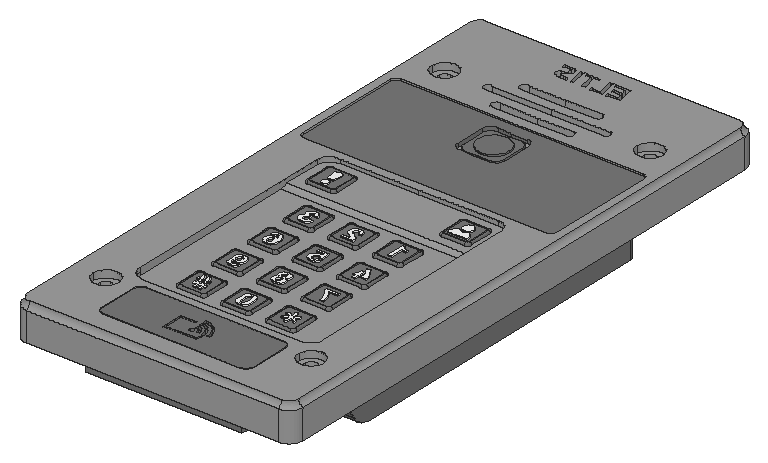
Revit family "Блок вызова_DP7000ipHybrid-KEDC", category Устройства вызова и оповещения, Revit 2019
Family settings
  Сохранять ориентацию аннотаций = Нет
  Размер круглого соединителя = Использовать диаметр
  Тип детали = Нормальный
  На основе рабочей плоскости = Нет
  Всегда вертикально = Да
  При загрузке вырезать с полостями = Нет
  Общий = Нет
  Точка расчета площади = Нет
Parameters
  Показ болта [instance] = yes
  Отступ от грани [instance] = 500 mm
  Описание = "Блок вызова DP7000ipHybrid-KEDC"
  Горизонтально [instance] = not(Вертикально)  # yes
  Вертикально [instance] = no
  ADSK_Этаж [instance] = ""
  ADSK_Обозначение = "DP7000ipHybrid-KEDC"
  ADSK_Наименование краткое = "Блок вызова"
  ADSK_Наименование = "Блок вызова DP7000ipHybrid-KEDC"
  ADSK_Масса = 1
  ADSK_Марка = "DP7000ipHybrid-KEDC"
  ADSK_Завод-изготовитель = "ELTIS"  # constant formula
Reference planes
  plane 1 "По центру (Вперед/Назад)": y = 0
  plane 2: z = 0
  plane 3 "По центру (Влево/Вправо)": x = 0
  plane 4 "TRT": z = 500
  plane 5 "RTR": z = 493.341
Dimensions and locks
  "Отступ от грани": plane 4 "TRT" to level
  aligned and locked: level to plane 2
  aligned and locked: plane 3 "По центру (Влево/Вправо)" to nested 1
  aligned and locked: nested 1 to plane 1 "По центру (Вперед/Назад)"
  aligned and locked: plane 4 "TRT" to nested 1
  aligned and locked: plane 3 "По центру (Влево/Вправо)" to nested 2
  aligned and locked: plane 1 "По центру (Вперед/Назад)" to nested 2
  aligned and locked: plane 5 "RTR" to nested 2
Nested families
  nested 1: "_5000" at (0, 0, 653) x (1, 0, 0) z (0, -1, 0), visible <- "Вертикально", Видимость <- "Показ болта", type "_5000"
    with Видимость yes
  nested 2: "_5000" at (0, 29.355, 500) x (-1, 0, 0) z (0, 0, 1), visible <- "Горизонтально", Видимость <- "Показ болта", type "_5000"
    with Видимость yes
Connectors
  electrical at (0, 0, 493.341)
    settings: index 1, voltage 0 V, apparent load 0 VA, apparent load phase1 0 VA, apparent load phase2 0 VA, apparent load phase3 0 VA, power factor 1, load classification "Прочее", number of poles 1, system type 31, power factor state 1, is connector primary yes, connector utility no, sub classification motor no, connector description ""
Definition of nested family "_5000"
  Parameters (values of type "_5000")
    Черый цвет = none
    Синий цвет = none
    Серый цвет = none
    Default Elevation = 1219.2 mm
    Видимость [instance] = yes
    Белый цвет = none
    Бежевый цвет = none
  Reference planes
    plane 1 "Уууу": y = 0
    plane 2: z = 0
    plane 3 "Пккккккк": x = 0
  Forms (mm)
    Extrusion 1, solid
      sketch origin (0, 0, 0) x (1, 0, 0) y (0, 1, 0)
        loop
          line (-1219.2, 1219.2) -> (-1219.2, -1219.2) -> (1219.2, -1219.2) -> (1219.2, 1219.2) -> (-1219.2, 1219.2)
      from 0 to -304.8
    Extrusion 2, solid, material <- "Серый цвет", detail levels medium+fine
      sketch origin (0, 0, 0) x (1, 0, 0) y (0, 1, 0)
        loop
          line (-56.452, -153) -> (56.531, -153)
          arc (56.531, -153) -> (60.752, -151.252) -> (62.5, -147.031) r 5.969
          line (62.5, -147.031) -> (62.5, 101.045)
          arc (62.5, 101.045) -> (60.756, 105.256) -> (56.545, 107) r 5.955
          line (56.545, 107) -> (-56.475, 107)
          arc (-56.475, 107) -> (-60.735, 105.235) -> (-62.5, 100.975) r 6.025
          line (-62.5, 100.975) -> (-62.5, -146.952)
          arc (-62.5, -146.952) -> (-60.728, -151.228) -> (-56.452, -153) r 6.048
        loop
          circle (-46, -121.591) r 2.8
        loop
          circle (-46, 68.566) r 2.8
        loop
          circle (46, -121.591) r 2.8
        loop
          circle (46, 68.566) r 2.8
      from 0 to 16
    Extrusion 3, void, detail levels medium+fine
      sketch origin (0, 0, 0) x (1, 0, 0) y (0, 1, 0)
        loop
          arc (-54.219, 54) -> (-56.199, 53.18) -> (-57.019, 51.2) r 2.8
          line (-57.019, 51.2) -> (-57.019, 2.7)
          arc (-57.019, 2.7) -> (-56.135, 0.565) -> (-54, -0.319) r 3.019
          line (-54, -0.319) -> (0, -0.319) -> (54, -0.319)
          arc (54, -0.319) -> (56.135, 0.565) -> (57.019, 2.7) r 3.019
          line (57.019, 2.7) -> (57.019, 51.2)
          arc (57.019, 51.2) -> (56.199, 53.18) -> (54.219, 54) r 2.8
          line (54.219, 54) -> (0, 54) -> (-54.219, 54)
        loop
          arc (-35.6, -3.566) -> (-39.705, -5.266) -> (-41.405, -9.371) r 5.805
          line (-41.405, -9.371) -> (-41.405, -108.6)
          arc (-41.405, -108.6) -> (-39.705, -112.705) -> (-35.6, -114.405) r 5.805
          line (-35.6, -114.405) -> (0, -114.405) -> (35.6, -114.405)
          arc (35.6, -114.405) -> (39.705, -112.705) -> (41.405, -108.6) r 5.805
          line (41.405, -108.6) -> (41.405, -9.371)
          arc (41.405, -9.371) -> (39.705, -5.266) -> (35.6, -3.566) r 5.805
          line (35.6, -3.566) -> (0, -3.566) -> (-35.6, -3.566)
      from 14 to 30
    Extrusion 4, void, detail levels medium+fine
      sketch origin (0, 0, 0) x (1, 0, 0) y (0, 1, 0)
        loop
          line (-34.105, -121.571) -> (-34.105, -138.571)
          arc (-34.105, -138.571) -> (-33.049, -141.12) -> (-30.5, -142.175) r 3.605
          line (-30.5, -142.175) -> (0, -142.175) -> (30.5, -142.175)
          arc (30.5, -142.175) -> (33.049, -141.12) -> (34.105, -138.571) r 3.605
          line (34.105, -138.571) -> (34.105, -121.571)
          arc (34.105, -121.571) -> (33.049, -119.022) -> (30.5, -117.966) r 3.605
          line (30.5, -117.966) -> (0, -117.966) -> (-30.5, -117.966)
          arc (-30.5, -117.966) -> (-33.049, -119.022) -> (-34.105, -121.571) r 3.605
      from 14 to 30
    Extrusion 5, void, detail levels fine
      sketch origin (0, 0, 0) x (1, 0, 0) y (0, 1, 0)
        loop
          line (0, 78.499) -> (-16.5, 78.499)
          arc (-16.5, 78.499) -> (-18.57, 76.429) -> (-16.5, 74.36) r 2.07
          line (-16.5, 74.36) -> (0, 74.36) -> (16.5, 74.36)
          arc (16.5, 74.36) -> (18.57, 76.429) -> (16.5, 78.499) r 2.07
          line (16.5, 78.499) -> (0, 78.499)
        loop
          line (0, 62.439) -> (-16.5, 62.439)
          arc (-16.5, 62.439) -> (-18.57, 60.369) -> (-16.5, 58.299) r 2.07
          line (-16.5, 58.299) -> (0, 58.299) -> (16.5, 58.299)
          arc (16.5, 58.299) -> (18.57, 60.369) -> (16.5, 62.439) r 2.07
          line (16.5, 62.439) -> (0, 62.439)
        loop
          line (0, 70.554) -> (-26.39, 70.554)
          arc (-26.39, 70.554) -> (-28.46, 68.484) -> (-26.39, 66.414) r 2.07
          line (-26.39, 66.414) -> (0, 66.414) -> (26.39, 66.414)
          arc (26.39, 66.414) -> (28.46, 68.484) -> (26.39, 70.554) r 2.07
          line (26.39, 70.554) -> (0, 70.554)
      from 13 to 30
    Extrusion 6, void, detail levels medium+fine
      sketch origin (0, 0, 0) x (1, 0, 0) y (0, 1, 0)
        loop
          line (-13.907, 97.838) -> (-15.774, 89.75) -> (-9.296, 89.75) -> (-8.991, 91.069) -> (-13.744, 91.069) -> (-13.253, 93.198) -> (-9.102, 93.198) -> (-8.779, 94.598) -> (-12.929, 94.598) -> (-12.484, 96.526) -> (-7.731, 96.526) -> (-7.429, 97.838) -> (-13.907, 97.838)
        loop
          line (-6.308, 97.838) -> (-7.989, 89.75) -> (-2.2, 89.75) -> (-1.895, 91.069) -> (-6.033, 91.069) -> (-4.626, 97.838) -> (-6.308, 97.838)
        loop
          line (-0.74, 97.838) -> (-1.013, 96.526) -> (1.409, 96.526) -> (0, 89.75) -> (1.661, 89.75) -> (3.07, 96.526) -> (5.41, 96.526) -> (5.682, 97.838) -> (-0.74, 97.838)
        loop
          line (6.65, 97.838) -> (4.968, 89.748) -> (6.688, 89.748) -> (8.37, 97.838) -> (6.65, 97.838)
        loop
          line (15.263, 96.265) -> (15.66, 97.838) -> (11.545, 97.838)
          arc (11.545, 97.838) -> (9.61, 96.822) -> (9.621, 94.636) r 2.104
          line (9.621, 94.636) -> (12.156, 92.726)
          arc (12.156, 92.726) -> (12.701, 92.029) -> (12.253, 91.265) r 0.787
          line (12.253, 91.265) -> (8.529, 91.265) -> (8.213, 89.748) -> (12.667, 89.748)
          arc (12.667, 89.748) -> (13.561, 90.076) -> (14.332, 90.633) r 3.483
          arc (14.332, 90.633) -> (14.908, 92.156) -> (14.085, 93.561) r 1.887
          line (14.085, 93.561) -> (11.642, 95.212)
          arc (11.642, 95.212) -> (11.457, 95.807) -> (11.88, 96.265) r 0.624
          line (11.88, 96.265) -> (15.263, 96.265)
      from 14 to 30
    Extrusion 7, void, detail levels fine
      sketch origin (0, 0, 0) x (1, 0, 0) y (0, 1, 0)
        loop
          circle (-46.058, 68.453) r 5.773
        loop
          circle (-46.058, -121.547) r 5.773
        loop
          circle (46.058, 68.453) r 5.773
        loop
          circle (46.058, -121.547) r 5.773
      from 13 to 30
    Extrusion 8, void, detail levels medium+fine
      sketch origin (0, 0, 0) x (0, 1, 0) y (0, 0, 1)
        loop
          line (-24.213, 16) -> (-24.213, 21) -> (-104.405, 21) -> (-104.405, 16) -> (-104.405, 13.031) -> (-29.355, 13.031)
          arc (-29.355, 13.031) -> (-26.455, 13.946) -> (-24.213, 16) r 7.026
      from -41.405 to 41.405
    Extrusion 9, void
      sketch origin (0, 0, 0) x (1, 0, 0) y (0, 1, 0)
        loop
          arc (-41.405, -108.6) -> (-39.705, -112.705) -> (-35.6, -114.405) r 5.805
          line (-35.6, -114.405) -> (35.6, -114.405)
          arc (35.6, -114.405) -> (39.705, -112.705) -> (41.405, -108.6) r 5.805
          line (41.405, -108.6) -> (41.405, -104.405) -> (-41.405, -104.405) -> (-41.405, -108.6)
      from 13 to 30
    Sweep 10, void
      path in 3D
        loop
          arc (-62.5, -146.952, 16) -> (-60.728, -151.228, 16) -> (-56.452, -153, 16) r 6.048
          line (-56.452, -153, 16) -> (56.531, -153, 16)
          arc (56.531, -153, 16) -> (60.752, -151.252, 16) -> (62.5, -147.031, 16) r 5.969
          line (62.5, -147.031, 16) -> (62.5, 101.045, 16)
          arc (62.5, 101.045, 16) -> (60.756, 105.256, 16) -> (56.545, 107, 16) r 5.955
          line (56.545, 107, 16) -> (-56.475, 107, 16)
          arc (-56.475, 107, 16) -> (-60.735, 105.235, 16) -> (-62.5, 100.975, 16) r 6.025
          line (-62.5, 100.975, 16) -> (-62.5, -146.952, 16)
      profile origin (-62.5, -22.988, 16) x (1, 0, 0) y (0, 0, 1)
        loop
          line (1.866, 0) -> (0, 0) -> (0, -2.874)
          arc (0, -2.874) -> (1.368, -1.719) -> (1.866, 0) r 3.088
    Extrusion 11, void
      sketch origin (0, 0, 0) x (1, 0, 0) y (0, 1, 0)
        loop
          line (0, 47.003) -> (-5.103, 47.003)
          arc (-5.103, 47.003) -> (-7.79, 45.89) -> (-8.903, 43.203) r 3.8
          line (-8.903, 43.203) -> (-8.903, 32.861)
          arc (-8.903, 32.861) -> (-7.83, 30.27) -> (-5.239, 29.197) r 3.664
          line (-5.239, 29.197) -> (0, 29.197) -> (5.239, 29.197)
          arc (5.239, 29.197) -> (7.83, 30.27) -> (8.903, 32.861) r 3.664
          line (8.903, 32.861) -> (8.903, 43.203)
          arc (8.903, 43.203) -> (7.79, 45.89) -> (5.103, 47.003) r 3.8
          line (5.103, 47.003) -> (0, 47.003)
      from 13 to 30
    Extrusion 12, solid, material <- "Черый цвет", detail levels medium+fine
      sketch origin (0, 0, 0) x (1, 0, 0) y (0, 1, 0)
        loop
          line (-10.45, 44.9) -> (-10.45, 31.4)
          arc (-10.45, 31.4) -> (-9.414, 28.9) -> (-6.914, 27.864) r 3.536
          line (-6.914, 27.864) -> (0, 27.864) -> (6.914, 27.864)
          arc (6.914, 27.864) -> (9.414, 28.9) -> (10.45, 31.4) r 3.536
          line (10.45, 31.4) -> (10.45, 44.9)
          arc (10.45, 44.9) -> (9.337, 47.587) -> (6.65, 48.7) r 3.8
          line (6.65, 48.7) -> (0, 48.7) -> (-6.65, 48.7)
          arc (-6.65, 48.7) -> (-9.337, 47.587) -> (-10.45, 44.9) r 3.8
        loop
          arc (-54.219, 54) -> (-56.199, 53.18) -> (-57.019, 51.2) r 2.8
          line (-57.019, 51.2) -> (-57.019, 2.7)
          arc (-57.019, 2.7) -> (-56.135, 0.565) -> (-54, -0.319) r 3.019
          line (-54, -0.319) -> (0, -0.319) -> (54, -0.319)
          arc (54, -0.319) -> (56.135, 0.565) -> (57.019, 2.7) r 3.019
          line (57.019, 2.7) -> (57.019, 51.2)
          arc (57.019, 51.2) -> (56.199, 53.18) -> (54.219, 54) r 2.8
          line (54.219, 54) -> (0, 54) -> (-54.219, 54)
        loop
          circle (0, 38.282) r 7.008
      from 13 to 15.5
    Extrusion 13, solid, material <- "Черый цвет", detail levels medium+fine
      sketch origin (0, 0, 0) x (1, 0, 0) y (0, 1, 0)
        loop
          arc (-30.5, -117.966) -> (-33.049, -119.022) -> (-34.105, -121.571) r 3.605
          line (-34.105, -121.571) -> (-34.105, -138.571)
          arc (-34.105, -138.571) -> (-33.049, -141.12) -> (-30.5, -142.175) r 3.605
          line (-30.5, -142.175) -> (30.5, -142.175)
          arc (30.5, -142.175) -> (33.049, -141.12) -> (34.105, -138.571) r 3.605
          line (34.105, -138.571) -> (34.105, -121.571)
          arc (34.105, -121.571) -> (33.049, -119.022) -> (30.5, -117.966) r 3.605
          line (30.5, -117.966) -> (-30.5, -117.966)
      from 13 to 16
    Extrusion 14, void
      sketch origin (0, 0, 0) x (1, 0, 0) y (0, 1, 0)
        loop
          line (1.465, -126.203) -> (1.465, -127.35) -> (7.9, -127.35) -> (7.9, -135.292) -> (-5.45, -135.292) -> (-5.45, -133.725) -> (-6.579, -133.725) -> (-6.579, -136.294) -> (8.95, -136.294) -> (8.95, -126.203) -> (1.465, -126.203)
        loop
          circle (-0.871, -131.869) r 1.072
        loop
          line (-8.847, -131.944) -> (-7.668, -131.944)
          arc (-7.668, -131.944) -> (-5.624, -127.009) -> (-0.689, -124.965) r 6.979
          line (-0.689, -124.965) -> (-0.689, -123.785)
          arc (-0.689, -123.785) -> (-6.458, -126.175) -> (-8.847, -131.944) r 8.159
        loop
          line (-6.579, -131.944) -> (-5.45, -131.944)
          arc (-5.45, -131.944) -> (-4.099, -128.683) -> (-0.838, -127.332) r 4.612
          line (-0.838, -127.332) -> (-0.838, -126.203)
          arc (-0.838, -126.203) -> (-4.898, -127.885) -> (-6.579, -131.944) r 5.741
        loop
          line (-4.269, -131.944) -> (-2.906, -131.944)
          arc (-2.906, -131.944) -> (-2.301, -130.482) -> (-0.838, -129.876) r 2.068
          line (-0.838, -129.876) -> (-0.838, -128.513)
          arc (-0.838, -128.513) -> (-3.264, -129.518) -> (-4.269, -131.944) r 3.431
      from 15 to 35
    Extrusion 15, solid, material <- "Черый цвет", detail levels medium+fine
      sketch origin (0, 0, 0) x (1, 0, 0) y (0, 1, 0)
        loop
          line (-25.71, -35.019) -> (-25.71, -45.717)
          arc (-25.71, -45.717) -> (-25.549, -46.107) -> (-25.158, -46.269) r 0.552
          line (-25.158, -46.269) -> (-14.785, -46.269)
          arc (-14.785, -46.269) -> (-14.361, -46.093) -> (-14.185, -45.669) r 0.6
          line (-14.185, -45.669) -> (-14.185, -35.067)
          arc (-14.185, -35.067) -> (-14.361, -34.643) -> (-14.785, -34.467) r 0.6
          line (-14.785, -34.467) -> (-25.158, -34.467)
          arc (-25.158, -34.467) -> (-25.549, -34.629) -> (-25.71, -35.019) r 0.552
        loop
          line (-5.71, -35.019) -> (-5.71, -45.717)
          arc (-5.71, -45.717) -> (-5.549, -46.107) -> (-5.158, -46.269) r 0.552
          line (-5.158, -46.269) -> (5.215, -46.269)
          arc (5.215, -46.269) -> (5.639, -46.093) -> (5.815, -45.669) r 0.6
          line (5.815, -45.669) -> (5.815, -35.067)
          arc (5.815, -35.067) -> (5.639, -34.643) -> (5.215, -34.467) r 0.6
          line (5.215, -34.467) -> (-5.158, -34.467)
          arc (-5.158, -34.467) -> (-5.549, -34.629) -> (-5.71, -35.019) r 0.552
        loop
          line (14.29, -35.019) -> (14.29, -45.717)
          arc (14.29, -45.717) -> (14.451, -46.107) -> (14.842, -46.269) r 0.552
          line (14.842, -46.269) -> (25.215, -46.269)
          arc (25.215, -46.269) -> (25.639, -46.093) -> (25.815, -45.669) r 0.6
          line (25.815, -45.669) -> (25.815, -35.067)
          arc (25.815, -35.067) -> (25.639, -34.643) -> (25.215, -34.467) r 0.6
          line (25.215, -34.467) -> (14.842, -34.467)
          arc (14.842, -34.467) -> (14.451, -34.629) -> (14.29, -35.019) r 0.552
        loop
          line (-25.71, -55.019) -> (-25.71, -65.717)
          arc (-25.71, -65.717) -> (-25.549, -66.107) -> (-25.158, -66.269) r 0.552
          line (-25.158, -66.269) -> (-14.785, -66.269)
          arc (-14.785, -66.269) -> (-14.361, -66.093) -> (-14.185, -65.669) r 0.6
          line (-14.185, -65.669) -> (-14.185, -55.067)
          arc (-14.185, -55.067) -> (-14.361, -54.643) -> (-14.785, -54.467) r 0.6
          line (-14.785, -54.467) -> (-25.158, -54.467)
          arc (-25.158, -54.467) -> (-25.549, -54.629) -> (-25.71, -55.019) r 0.552
        loop
          line (-5.71, -55.019) -> (-5.71, -65.717)
          arc (-5.71, -65.717) -> (-5.549, -66.107) -> (-5.158, -66.269) r 0.552
          line (-5.158, -66.269) -> (5.215, -66.269)
          arc (5.215, -66.269) -> (5.639, -66.093) -> (5.815, -65.669) r 0.6
          line (5.815, -65.669) -> (5.815, -55.067)
          arc (5.815, -55.067) -> (5.639, -54.643) -> (5.215, -54.467) r 0.6
          line (5.215, -54.467) -> (-5.158, -54.467)
          arc (-5.158, -54.467) -> (-5.549, -54.629) -> (-5.71, -55.019) r 0.552
        loop
          line (14.29, -55.019) -> (14.29, -65.717)
          arc (14.29, -65.717) -> (14.451, -66.107) -> (14.842, -66.269) r 0.552
          line (14.842, -66.269) -> (25.215, -66.269)
          arc (25.215, -66.269) -> (25.639, -66.093) -> (25.815, -65.669) r 0.6
          line (25.815, -65.669) -> (25.815, -55.067)
          arc (25.815, -55.067) -> (25.639, -54.643) -> (25.215, -54.467) r 0.6
          line (25.215, -54.467) -> (14.842, -54.467)
          arc (14.842, -54.467) -> (14.451, -54.629) -> (14.29, -55.019) r 0.552
        loop
          line (-25.71, -74.984) -> (-25.71, -85.682)
          arc (-25.71, -85.682) -> (-25.549, -86.072) -> (-25.158, -86.234) r 0.552
          line (-25.158, -86.234) -> (-14.785, -86.234)
          arc (-14.785, -86.234) -> (-14.361, -86.058) -> (-14.185, -85.634) r 0.6
          line (-14.185, -85.634) -> (-14.185, -75.032)
          arc (-14.185, -75.032) -> (-14.361, -74.608) -> (-14.785, -74.432) r 0.6
          line (-14.785, -74.432) -> (-25.158, -74.432)
          arc (-25.158, -74.432) -> (-25.549, -74.594) -> (-25.71, -74.984) r 0.552
        loop
          line (-5.71, -74.984) -> (-5.71, -85.682)
          arc (-5.71, -85.682) -> (-5.549, -86.072) -> (-5.158, -86.234) r 0.552
          line (-5.158, -86.234) -> (5.215, -86.234)
          arc (5.215, -86.234) -> (5.639, -86.058) -> (5.815, -85.634) r 0.6
          line (5.815, -85.634) -> (5.815, -75.032)
          arc (5.815, -75.032) -> (5.639, -74.608) -> (5.215, -74.432) r 0.6
          line (5.215, -74.432) -> (-5.158, -74.432)
          arc (-5.158, -74.432) -> (-5.549, -74.594) -> (-5.71, -74.984) r 0.552
        loop
          line (14.29, -74.984) -> (14.29, -85.682)
          arc (14.29, -85.682) -> (14.451, -86.072) -> (14.842, -86.234) r 0.552
          line (14.842, -86.234) -> (25.215, -86.234)
          arc (25.215, -86.234) -> (25.639, -86.058) -> (25.815, -85.634) r 0.6
          line (25.815, -85.634) -> (25.815, -75.032)
          arc (25.815, -75.032) -> (25.639, -74.608) -> (25.215, -74.432) r 0.6
          line (25.215, -74.432) -> (14.842, -74.432)
          arc (14.842, -74.432) -> (14.451, -74.594) -> (14.29, -74.984) r 0.552
        loop
          line (14.29, -94.984) -> (14.29, -105.682)
          arc (14.29, -105.682) -> (14.451, -106.072) -> (14.842, -106.234) r 0.552
          line (14.842, -106.234) -> (25.215, -106.234)
          arc (25.215, -106.234) -> (25.639, -106.058) -> (25.815, -105.634) r 0.6
          line (25.815, -105.634) -> (25.815, -95.032)
          arc (25.815, -95.032) -> (25.639, -94.608) -> (25.215, -94.432) r 0.6
          line (25.215, -94.432) -> (14.842, -94.432)
          arc (14.842, -94.432) -> (14.451, -94.594) -> (14.29, -94.984) r 0.552
        loop
          line (-5.71, -94.984) -> (-5.71, -105.682)
          arc (-5.71, -105.682) -> (-5.549, -106.072) -> (-5.158, -106.234) r 0.552
          line (-5.158, -106.234) -> (5.215, -106.234)
          arc (5.215, -106.234) -> (5.639, -106.058) -> (5.815, -105.634) r 0.6
          line (5.815, -105.634) -> (5.815, -95.032)
          arc (5.815, -95.032) -> (5.639, -94.608) -> (5.215, -94.432) r 0.6
          line (5.215, -94.432) -> (-5.158, -94.432)
          arc (-5.158, -94.432) -> (-5.549, -94.594) -> (-5.71, -94.984) r 0.552
        loop
          line (-25.682, -94.984) -> (-25.682, -105.682)
          arc (-25.682, -105.682) -> (-25.52, -106.072) -> (-25.13, -106.234) r 0.552
          line (-25.13, -106.234) -> (-14.757, -106.234)
          arc (-14.757, -106.234) -> (-14.333, -106.058) -> (-14.157, -105.634) r 0.6
          line (-14.157, -105.634) -> (-14.157, -95.032)
          arc (-14.157, -95.032) -> (-14.333, -94.608) -> (-14.757, -94.432) r 0.6
          line (-14.757, -94.432) -> (-25.13, -94.432)
          arc (-25.13, -94.432) -> (-25.52, -94.594) -> (-25.682, -94.984) r 0.552
      from 10 to 14
    Extrusion 16, solid, material <- "Белый цвет", detail levels medium+fine
      sketch origin (0, 0, 0) x (1, 0, 0) y (0, 1, 0)
        loop
          line (-22.293, -37.747) -> (-22.293, -38.931) -> (-20.373, -38.931) -> (-20.373, -44.371) -> (-18.822, -44.371) -> (-18.822, -36.371) -> (-20.035, -36.371)
          arc (-20.035, -36.371) -> (-20.865, -37.55) -> (-22.293, -37.747) r 1.807
        loop
          line (-19.14, -56.564) -> (-20.637, -56.564) -> (-23.53, -61.379) -> (-23.53, -62.671) -> (-20.03, -62.671) -> (-20.03, -64.371) -> (-18.53, -64.371) -> (-18.53, -62.671) -> (-17.73, -62.671) -> (-17.73, -61.379) -> (-18.53, -61.379) -> (-18.53, -58.771) -> (-20.03, -58.771) -> (-20.03, -61.379) -> (-22.032, -61.379) -> (-19.14, -56.564)
        loop
          line (-22.933, -76.584) -> (-22.933, -77.971) -> (-18.937, -77.971)
          arc (-18.937, -77.971) -> (-20.886, -80.894) -> (-21.772, -84.295) r 10.585
          line (-21.772, -84.295) -> (-20.083, -84.295)
          arc (-20.083, -84.295) -> (-19.234, -80.779) -> (-17.173, -77.806) r 9.861
          line (-17.173, -77.806) -> (-17.173, -76.584) -> (-22.933, -76.584)
        loop
          line (-20.6, -99.331) -> (-22.244, -98.382)
          arc (-22.244, -98.382) -> (-23.063, -98.602) -> (-22.844, -99.421) r 0.6
          line (-22.844, -99.421) -> (-21.159, -100.394) -> (-22.875, -101.385)
          arc (-22.875, -101.385) -> (-23.087, -102.177) -> (-22.296, -102.389) r 0.58
          line (-22.296, -102.389) -> (-20.6, -101.41) -> (-20.6, -103.371)
          arc (-20.6, -103.371) -> (-20, -103.97) -> (-19.4, -103.371) r 0.6
          line (-19.4, -103.371) -> (-19.4, -101.41) -> (-17.836, -102.313)
          arc (-17.836, -102.313) -> (-17.017, -102.093) -> (-17.236, -101.273) r 0.6
          line (-17.236, -101.273) -> (-18.813, -100.363) -> (-17.134, -99.394)
          arc (-17.134, -99.394) -> (-16.922, -98.603) -> (-17.714, -98.39) r 0.58
          line (-17.714, -98.39) -> (-19.4, -99.364) -> (-19.4, -97.421)
          arc (-19.4, -97.421) -> (-20, -96.821) -> (-20.6, -97.421) r 0.6
          line (-20.6, -97.421) -> (-20.6, -99.331)
        loop
          arc (-1.333, -39.217) -> (-0.165, -37.729) -> (1.004, -39.217) r 1.203
          arc (1.004, -39.217) -> (0.214, -40.19) -> (-0.821, -40.897) r 4.357
          arc (-0.821, -40.897) -> (-2.429, -42.322) -> (-3.077, -44.371) r 4.031
          line (-3.077, -44.371) -> (2.638, -44.371) -> (2.638, -42.984) -> (-0.98, -42.984)
          arc (-0.98, -42.984) -> (0.254, -41.868) -> (1.679, -41.009) r 8.635
          arc (1.679, -41.009) -> (2.383, -40.233) -> (2.638, -39.217) r 2.152
          arc (2.638, -39.217) -> (-0.082, -36.496) -> (-2.803, -39.217) r 2.721
          line (-2.803, -39.217) -> (-1.333, -39.217)
        loop
          line (-1.182, -59.379) -> (-0.992, -57.971) -> (2.45, -57.971) -> (2.45, -56.584) -> (-2.095, -56.584) -> (-2.657, -60.768) -> (-1.193, -60.851)
          arc (-1.193, -60.851) -> (-0.108, -60.31) -> (0.977, -60.851) r 1.36
          arc (0.977, -60.851) -> (1.12, -61.438) -> (1.079, -62.041) r 1.985
          arc (1.079, -62.041) -> (-0.127, -63.247) -> (-1.333, -62.041) r 1.206
          line (-1.333, -62.041) -> (-2.933, -62.041)
          arc (-2.933, -62.041) -> (-2.068, -63.679) -> (-0.334, -64.335) r 2.619
          line (-0.334, -64.335) -> (0.464, -64.335)
          arc (0.464, -64.335) -> (2.541, -63.078) -> (2.76, -60.66) r 2.691
          arc (2.76, -60.66) -> (1.09, -59.093) -> (-1.182, -59.379) r 2.691
        loop
          line (-0.25, -77.766) -> (-0.25, -76.376)
          arc (-0.25, -76.376) -> (-0.695, -76.437) -> (-1.136, -76.524) r 7.611
          arc (-1.136, -76.524) -> (-2.654, -78.148) -> (-1.712, -80.162) r 1.985
          arc (-1.712, -80.162) -> (-2.855, -82.405) -> (-1.204, -84.304) r 2.25
          arc (-1.204, -84.304) -> (-0.73, -84.409) -> (-0.25, -84.472) r 5.571
          line (-0.25, -84.472) -> (-0.25, -83.08)
          arc (-0.25, -83.08) -> (-1.155, -81.971) -> (-0.25, -80.863) r 1.132
          line (-0.25, -80.863) -> (-0.25, -79.562)
          arc (-0.25, -79.562) -> (-1.148, -78.664) -> (-0.25, -77.766) r 0.898
        loop
          arc (0.25, -77.766) -> (1.148, -78.664) -> (0.25, -79.562) r 0.898
          line (0.25, -79.562) -> (0.25, -80.863)
          arc (0.25, -80.863) -> (1.155, -81.971) -> (0.25, -83.08) r 1.132
          line (0.25, -83.08) -> (0.25, -84.472)
          arc (0.25, -84.472) -> (0.73, -84.409) -> (1.204, -84.304) r 5.571
          arc (1.204, -84.304) -> (2.855, -82.405) -> (1.712, -80.162) r 2.25
          arc (1.712, -80.162) -> (2.654, -78.148) -> (1.136, -76.524) r 1.985
          arc (1.136, -76.524) -> (0.695, -76.437) -> (0.25, -76.376) r 7.611
          line (0.25, -76.376) -> (0.25, -77.766)
        loop
          line (-2.798, -98.707) -> (-2.798, -102.052)
          arc (-2.798, -102.052) -> (-2.125, -103.677) -> (-0.5, -104.351) r 2.298
          line (-0.5, -104.351) -> (-0.5, -102.987)
          arc (-0.5, -102.987) -> (-0.992, -102.33) -> (-1.189, -101.533) r 2.069
          line (-1.189, -101.533) -> (-1.189, -99.571)
          arc (-1.189, -99.571) -> (-1.041, -98.646) -> (-0.5, -97.882) r 2.065
          line (-0.5, -97.882) -> (-0.5, -96.409)
          arc (-0.5, -96.409) -> (-2.125, -97.082) -> (-2.798, -98.707) r 2.298
        loop
          arc (2.798, -98.707) -> (2.125, -97.082) -> (0.5, -96.409) r 2.298
          line (0.5, -96.409) -> (0.5, -97.882)
          arc (0.5, -97.882) -> (1.041, -98.646) -> (1.189, -99.571) r 2.065
          line (1.189, -99.571) -> (1.189, -101.533)
          arc (1.189, -101.533) -> (0.992, -102.33) -> (0.5, -102.987) r 2.069
          line (0.5, -102.987) -> (0.5, -104.351)
          arc (0.5, -104.351) -> (2.125, -103.677) -> (2.798, -102.052) r 2.298
          line (2.798, -102.052) -> (2.798, -98.707)
      from 11 to 14.2
    Extrusion 17, solid, material <- "Белый цвет", detail levels medium+fine
      sketch origin (0, 0, 0) x (1, 0, 0) y (0, 1, 0)
        loop
          line (17.245, -38.93) -> (18.798, -38.93)
          arc (18.798, -38.93) -> (19.241, -37.95) -> (20.313, -37.87) r 1.053
          arc (20.313, -37.87) -> (20.677, -38.167) -> (20.875, -38.593) r 1.053
          arc (20.875, -38.593) -> (20.348, -39.422) -> (19.367, -39.464) r 1.062
          line (19.367, -39.464) -> (19.367, -40.841)
          arc (19.367, -40.841) -> (20.529, -40.818) -> (21.117, -41.821) r 1.15
          arc (21.117, -41.821) -> (19.958, -42.981) -> (18.798, -41.821) r 1.16
          line (18.798, -41.821) -> (17.067, -41.821)
          arc (17.067, -41.821) -> (18.166, -43.857) -> (20.407, -44.431) r 2.886
          arc (20.407, -44.431) -> (22.252, -43.667) -> (23.016, -41.821) r 2.61
          arc (23.016, -41.821) -> (22.598, -40.607) -> (21.52, -39.907) r 1.972
          arc (21.52, -39.907) -> (22.296, -39.217) -> (22.506, -38.2) r 1.649
          arc (22.506, -38.2) -> (21.648, -36.975) -> (20.254, -36.435) r 2.57
          arc (20.254, -36.435) -> (19.611, -36.356) -> (18.982, -36.512) r 1.78
          arc (18.982, -36.512) -> (17.718, -37.438) -> (17.245, -38.93) r 2.521
        loop
          line (17.725, -98.191) -> (17.479, -99.254) -> (18.531, -99.254) -> (18.312, -100.203) -> (19.473, -100.203) -> (19.693, -99.254) -> (20.819, -99.254) -> (20.6, -100.203) -> (21.752, -100.203) -> (21.971, -99.254) -> (23.024, -99.254) -> (23.27, -98.191) -> (22.216, -98.191) -> (22.686, -96.157) -> (21.534, -96.157) -> (21.065, -98.191) -> (19.938, -98.191) -> (20.407, -96.157) -> (19.246, -96.157) -> (18.776, -98.191) -> (17.725, -98.191)
        loop
          line (22.232, -102.503) -> (22.478, -101.441) -> (21.426, -101.441) -> (21.645, -100.492) -> (20.484, -100.492) -> (20.264, -101.441) -> (19.138, -101.441) -> (19.357, -100.492) -> (18.205, -100.492) -> (17.986, -101.441) -> (16.933, -101.441) -> (16.687, -102.503) -> (17.741, -102.503) -> (17.285, -104.477) -> (18.437, -104.477) -> (18.892, -102.503) -> (20.019, -102.503) -> (19.563, -104.477) -> (20.725, -104.477) -> (21.181, -102.503) -> (22.232, -102.503)
        loop
          line (20.273, -59.038) -> (20.273, -60.386)
          arc (20.273, -60.386) -> (21.313, -61.75) -> (20.273, -63.113) r 1.414
          line (20.273, -63.113) -> (20.273, -64.434)
          arc (20.273, -64.434) -> (22.971, -61.736) -> (20.273, -59.038) r 2.698
        loop
          arc (19.75, -56.404) -> (17.86, -57.717) -> (17.119, -59.896) r 3.68
          line (17.119, -59.896) -> (17.119, -61.224)
          arc (17.119, -61.224) -> (17.753, -63.387) -> (19.75, -64.434) r 2.886
          line (19.75, -64.434) -> (19.75, -63.064)
          arc (19.75, -63.064) -> (18.766, -61.75) -> (19.75, -60.435) r 1.37
          line (19.75, -60.435) -> (19.75, -59.089)
          arc (19.75, -59.089) -> (19.173, -59.296) -> (18.726, -59.715) r 1.51
          arc (18.726, -59.715) -> (18.903, -58.574) -> (19.75, -57.788) r 1.758
          line (19.75, -57.788) -> (19.75, -56.404)
        loop
          line (20.254, -56.406) -> (20.254, -57.768)
          arc (20.254, -57.768) -> (20.73, -57.916) -> (21.059, -58.291) r 0.924
          line (21.059, -58.291) -> (22.754, -58.291)
          arc (22.754, -58.291) -> (21.912, -56.808) -> (20.254, -56.406) r 2.149
      from 5 to 14.2
    Extrusion 18, solid, material <- "Белый цвет", detail levels medium+fine
      sketch origin (0, 0, 0) x (1, 0, 0) y (0, 1, 0)
        loop
          arc (19.75, -76.374) -> (17.033, -79.092) -> (19.75, -81.809) r 2.717
          line (19.75, -81.809) -> (19.75, -80.405)
          arc (19.75, -80.405) -> (18.784, -79.088) -> (19.75, -77.771) r 1.381
          line (19.75, -77.771) -> (19.75, -76.374)
        loop
          arc (20.25, -77.71) -> (21.298, -79.088) -> (20.25, -80.466) r 1.43
          line (20.25, -80.466) -> (20.25, -81.763)
          arc (20.25, -81.763) -> (20.807, -81.599) -> (21.262, -81.238) r 1.515
          arc (21.262, -81.238) -> (21.053, -82.315) -> (20.25, -83.063) r 1.772
          line (20.25, -83.063) -> (20.25, -84.408)
          arc (20.25, -84.408) -> (21.773, -83.907) -> (22.627, -82.551) r 2.365
          line (22.627, -82.551) -> (22.847, -79.018)
          arc (22.847, -79.018) -> (22.086, -77.181) -> (20.25, -76.421) r 2.597
          line (20.25, -76.421) -> (20.25, -77.71)
        loop
          arc (17.279, -82.551) -> (18.108, -84.036) -> (19.75, -84.477) r 2.184
          line (19.75, -84.477) -> (19.75, -83.084)
          arc (19.75, -83.084) -> (19.255, -82.98) -> (18.987, -82.551) r 0.646
          line (18.987, -82.551) -> (17.279, -82.551)
      from 5 to 14.2
    Extrusion 19, solid, material <- "Черый цвет", detail levels medium+fine
      sketch origin (0, 0, 0) x (1, 0, 0) y (0, 1, 0)
        loop
          arc (-46.764, -107.262) -> (-45.321, -110.745) -> (-41.838, -112.187) r 4.925
          arc (-41.838, -112.187) -> (-39.345, -113.046) -> (-37.908, -115.258) r 4.05
          line (-37.908, -115.258) -> (-37.908, -133.873) -> (-34.96, -146.643) -> (34.96, -146.643) -> (37.908, -133.873) -> (37.908, -115.258)
          arc (37.908, -115.258) -> (39.345, -113.046) -> (41.838, -112.187) r 4.05
          arc (41.838, -112.187) -> (45.321, -110.745) -> (46.764, -107.262) r 4.925
          line (46.764, -107.262) -> (46.764, 56.61)
          arc (46.764, 56.61) -> (45.101, 59.458) -> (42, 60.581) r 4.843
          line (42, 60.581) -> (39.458, 60.581)
          arc (39.458, 60.581) -> (36.192, 61.934) -> (34.839, 65.2) r 4.619
          line (34.839, 65.2) -> (34.839, 94.7)
          arc (34.839, 94.7) -> (33.818, 97.164) -> (31.355, 98.184) r 3.484
          line (31.355, 98.184) -> (-30.96, 98.184)
          arc (-30.96, 98.184) -> (-33.424, 97.164) -> (-34.445, 94.7) r 3.484
          line (-34.445, 94.7) -> (-34.445, 65.2)
          arc (-34.445, 65.2) -> (-35.798, 61.934) -> (-39.064, 60.581) r 4.619
          line (-39.064, 60.581) -> (-42, 60.581)
          arc (-42, 60.581) -> (-45.101, 59.458) -> (-46.764, 56.61) r 4.843
          line (-46.764, 56.61) -> (-46.764, -107.262)
      from -6.659 to 0
    Extrusion 20, solid, material <- "Черый цвет", detail levels medium+fine
      sketch origin (0, 0, -6.659) x (1, 0, 0) y (0, 1, 0)
        loop
          arc (-42, 60.581) -> (-45.101, 59.458) -> (-46.764, 56.61) r 4.843
          line (-46.764, 56.61) -> (-46.764, -63.221) -> (46.764, -63.221) -> (46.764, 56.61)
          arc (46.764, 56.61) -> (45.101, 59.458) -> (42, 60.581) r 4.843
          line (42, 60.581) -> (39.458, 60.581)
          arc (39.458, 60.581) -> (36.192, 61.934) -> (34.839, 65.2) r 4.619
          line (34.839, 65.2) -> (34.839, 94.7)
          arc (34.839, 94.7) -> (33.818, 97.164) -> (31.355, 98.184) r 3.484
          line (31.355, 98.184) -> (-30.96, 98.184)
          arc (-30.96, 98.184) -> (-33.424, 97.164) -> (-34.445, 94.7) r 3.484
          line (-34.445, 94.7) -> (-34.445, 65.2)
          arc (-34.445, 65.2) -> (-35.798, 61.934) -> (-39.064, 60.581) r 4.619
          line (-39.064, 60.581) -> (-42, 60.581)
      from -15.747 to 0
    Extrusion 21, solid, material <- "Черый цвет", detail levels medium+fine
      sketch origin (0, 0, 0) x (0, 1, 0) y (0, 0, 1)
        loop
          line (-63.221, -22.406) -> (-63.221, -6.659) -> (-105.693, -6.659) -> (-98.821, -17.655)
          arc (-98.821, -17.655) -> (-95.151, -21.139) -> (-90.251, -22.406) r 10.106
          line (-90.251, -22.406) -> (-63.221, -22.406)
      from 40.8 to 46.764
    Extrusion 22, solid, material <- "Черый цвет", detail levels medium+fine
      sketch origin (0, 0, 0) x (0, 1, 0) y (0, 0, 1)
        loop
          line (-63.221, -22.406) -> (-63.221, -6.659) -> (-105.693, -6.659) -> (-98.821, -17.655)
          arc (-98.821, -17.655) -> (-95.151, -21.139) -> (-90.251, -22.406) r 10.106
          line (-90.251, -22.406) -> (-63.221, -22.406)
      from -46.764 to -40.8
    Extrusion 23, solid, material <- "Черый цвет", detail levels fine
      sketch origin (0, 0, 0) x (1, 0, 0) y (0, 1, 0)
        loop
          circle (20.016, -106.223) r 3.175
        loop
          line (21.416, -104.784) -> (18.497, -104.784) -> (18.497, -107.649) -> (21.416, -107.649) -> (21.416, -104.784)
        loop
          circle (-19.892, -106.223) r 3.175
        loop
          line (-18.492, -104.784) -> (-21.411, -104.784) -> (-21.411, -107.649) -> (-18.492, -107.649) -> (-18.492, -104.784)
      from -10.383 to -6.659
    Extrusion 24, solid, material <- "Синий цвет", detail levels fine
      sketch origin (0, 0, 0) x (1, 0, 0) y (0, 0, 1)
        loop
          line (-40.3, -16.87) -> (-34.392, -16.87) -> (-33.3, -13.87) -> (-33.3, -8.07) -> (-30.7, -8.07) -> (-30.7, -6.659) -> (-40.3, -6.659) -> (-40.3, -16.87)
        loop
          line (40.3, -16.87) -> (40.3, -6.659) -> (30.7, -6.659) -> (30.7, -8.07) -> (33.3, -8.07) -> (33.3, -13.87) -> (34.392, -16.87) -> (40.3, -16.87)
      from 67.309 to 98
    Extrusion 25, void
      sketch origin (0, 0, 0) x (1, 0, 0) y (0, 1, 0)
        loop
          circle (36.311, -69.217) r 1.472
        loop
          circle (36.311, -73.046) r 1.472
        loop
          circle (36.311, -76.774) r 1.472
        loop
          circle (36.311, -80.745) r 1.472
        loop
          circle (36.311, -96.092) r 1.472
        loop
          circle (36.311, -92.263) r 1.472
        loop
          circle (36.311, -88.535) r 1.472
        loop
          circle (36.311, -84.564) r 1.472
        loop
          circle (-36.311, -69.217) r 1.472
        loop
          circle (-36.311, -73.046) r 1.472
        loop
          circle (-36.311, -76.774) r 1.472
        loop
          circle (-36.311, -80.745) r 1.472
        loop
          circle (-36.311, -96.092) r 1.472
        loop
          circle (-36.311, -92.263) r 1.472
        loop
          circle (-36.311, -88.535) r 1.472
        loop
          circle (-36.311, -84.564) r 1.472
      from -20.519 to -13.907
    Extrusion 26, void
      sketch origin (0, 0, 0) x (1, 0, 0) y (0, 1, 0)
        loop
          line (36.311, -67.745) -> (-36.432, -67.745) -> (-36.432, -70.67) -> (36.311, -70.67) -> (36.311, -67.745)
      from -13 to -9
    Extrusion 27, void
      sketch origin (0, -3.829, 0) x (1, 0, 0) y (0, 1, 0)
        loop
          line (36.311, -67.745) -> (-36.432, -67.745) -> (-36.432, -70.67) -> (36.311, -70.67) -> (36.311, -67.745)
      from -13 to -9
    Extrusion 28, void
      sketch origin (0, -7.557, 0) x (1, 0, 0) y (0, 1, 0)
        loop
          line (36.311, -67.745) -> (-36.432, -67.745) -> (-36.432, -70.67) -> (36.311, -70.67) -> (36.311, -67.745)
      from -13 to -9
    Extrusion 29, void
      sketch origin (0, -11.528, 0) x (1, 0, 0) y (0, 1, 0)
        loop
          line (36.311, -67.745) -> (-36.432, -67.745) -> (-36.432, -70.67) -> (36.311, -70.67) -> (36.311, -67.745)
      from -13 to -9
    Extrusion 30, void
      sketch origin (0, -15.347, 0) x (1, 0, 0) y (0, 1, 0)
        loop
          line (36.311, -67.745) -> (-36.432, -67.745) -> (-36.432, -70.67) -> (36.311, -70.67) -> (36.311, -67.745)
      from -13 to -9
    Extrusion 31, void
      sketch origin (0, -19.318, 0) x (1, 0, 0) y (0, 1, 0)
        loop
          line (36.311, -67.745) -> (-36.432, -67.745) -> (-36.432, -70.67) -> (36.311, -70.67) -> (36.311, -67.745)
      from -13 to -9
    Extrusion 32, void
      sketch origin (0, -23.046, 0) x (1, 0, 0) y (0, 1, 0)
        loop
          line (36.311, -67.745) -> (-36.432, -67.745) -> (-36.432, -70.67) -> (36.311, -70.67) -> (36.311, -67.745)
      from -13 to -9
    Extrusion 33, void
      sketch origin (0, -26.875, 0) x (1, 0, 0) y (0, 1, 0)
        loop
          line (36.311, -67.745) -> (-36.432, -67.745) -> (-36.432, -70.67) -> (36.311, -70.67) -> (36.311, -67.745)
      from -13 to -9
    Extrusion 34, solid, material <- "Черый цвет", detail levels medium+fine
      sketch origin (0, 0, 0) x (1, 0, 0) y (0, 1, 0)
        loop
          line (5.103, 47.003) -> (0, 47.003) -> (-5.103, 47.003)
          arc (-5.103, 47.003) -> (-7.79, 45.89) -> (-8.903, 43.203) r 3.8
          line (-8.903, 43.203) -> (-8.903, 32.861)
          arc (-8.903, 32.861) -> (-7.83, 30.27) -> (-5.239, 29.197) r 3.664
          line (-5.239, 29.197) -> (0, 29.197) -> (5.239, 29.197)
          arc (5.239, 29.197) -> (7.83, 30.27) -> (8.903, 32.861) r 3.664
          line (8.903, 32.861) -> (8.903, 43.203)
          arc (8.903, 43.203) -> (7.79, 45.89) -> (5.103, 47.003) r 3.8
      from 14 to 15
    Extrusion 35, void
      sketch origin (0, 0, 0) x (1, 0, 0) y (0, 1, 0)
        loop
          line (32.551, 83.355) -> (38.749, 83.355) -> (38.749, 101.247) -> (13.124, 101.247) -> (13.124, 86.247)
          arc (13.124, 86.247) -> (13.971, 84.202) -> (16.016, 83.355) r 2.892
          line (16.016, 83.355) -> (32.551, 83.355)
      from -37.152 to -13.87
    Extrusion 36, solid, material <- "Черый цвет", detail levels fine
      sketch origin (0, 0, 0) x (1, 0, 0) y (0, 1, 0)
        loop
          line (16.642, 85.2) -> (33.674, 85.2) -> (33.674, 95.193) -> (30.683, 98.184) -> (16.639, 98.184)
          arc (16.639, 98.184) -> (15.608, 97.758) -> (15.182, 96.728) r 1.457
          line (15.182, 96.728) -> (15.182, 86.661)
          arc (15.182, 86.661) -> (15.61, 85.628) -> (16.642, 85.2) r 1.461
        loop
          circle (17.49, 91.256) r 1.422
        loop
          circle (31.406, 91.256) r 1.422
        loop
          line (20.619, 88.793) -> (24.508, 86.828) -> (28.261, 88.994) -> (28.261, 93.406) -> (24.44, 95.612) -> (20.619, 93.406) -> (20.619, 88.793)
      from -15 to -13.87
    Extrusion 37, solid, material <- "Черый цвет", visible <- "Видимость", detail levels fine
      sketch origin (21.878, 0, 0) x (1, 0, 0) y (0, 1, 0)
        loop
          line (-0.726, 89.457) -> (2.518, 87.507) -> (5.763, 89.457) -> (5.763, 91.182) -> (5.763, 92.907) -> (2.518, 94.856) -> (-0.726, 92.907) -> (-0.726, 91.182) -> (-0.726, 89.457)
        loop
          circle (2.513, 91.18) r 1.815
      from -43.778 to -13.87
    Extrusion 38, solid, material <- "Черый цвет", detail levels medium+fine
      sketch origin (0, 0, 0) x (1, 0, 0) y (0, 1, 0)
        loop
          arc (-8.548, -75.55) -> (-10.694, -76.438) -> (-11.583, -78.584) r 3.035
          line (-11.583, -78.584) -> (-11.583, -93.106)
          arc (-11.583, -93.106) -> (-10.69, -95.262) -> (-8.534, -96.155) r 3.049
          line (-8.534, -96.155) -> (8.859, -96.155)
          arc (8.859, -96.155) -> (10.962, -95.284) -> (11.833, -93.181) r 2.974
          line (11.833, -93.181) -> (11.833, -78.565)
          arc (11.833, -78.565) -> (10.95, -76.433) -> (8.817, -75.55) r 3.016
          line (8.817, -75.55) -> (-8.548, -75.55)
        loop
          line (8.833, -93.155) -> (8.833, -78.55) -> (-8.583, -78.55) -> (-8.583, -93.155) -> (8.833, -93.155)
      from -16.87 to -6.659
    Extrusion 39, solid, material <- "Бежевый цвет", detail levels fine
      sketch origin (0, -27.933, 0) x (1, 0, 0) y (0, 1, 0)
        loop
          line (-5.929, -60.805) -> (-3.11, -60.805) -> (-3.11, -62.456) -> (-1.992, -62.456) -> (-1.992, -63.776) -> (0, -63.776) -> (1.992, -63.776) -> (1.992, -62.456) -> (3.11, -62.456) -> (3.11, -60.805) -> (5.929, -60.805) -> (5.929, -58.37) -> (4.919, -58.37) -> (4.919, -56.578) -> (5.929, -56.578) -> (5.929, -53.997) -> (3.783, -53.997) -> (3.783, -56.578) -> (2.813, -56.578) -> (2.813, -53.997) -> (1.813, -53.997) -> (1.813, -56.578) -> (0.844, -56.578) -> (0.844, -53.997) -> (0, -53.997) -> (-0.844, -53.997) -> (-0.844, -56.578) -> (-1.813, -56.578) -> (-1.813, -53.997) -> (-2.813, -53.997) -> (-2.813, -56.578) -> (-3.783, -56.578) -> (-3.783, -53.997) -> (-5.929, -53.997) -> (-5.929, -56.578) -> (-4.919, -56.578) -> (-4.919, -58.37) -> (-5.929, -58.37) -> (-5.929, -60.805)
        loop
          line (-8.583, -65.221) -> (8.833, -65.221) -> (8.833, -50.616) -> (-8.583, -50.616) -> (-8.583, -65.221)
      from -13.87 to -6.659
    Sweep 40, solid, material <- "Черый цвет", detail levels fine
      path origin (0, 0, 0) x (1, 0, 0) y (0, 1, 0)
        loop
          line (-25.71, -35.019) -> (-25.71, -45.717)
          arc (-25.71, -45.717) -> (-25.549, -46.107) -> (-25.158, -46.269) r 0.552
          line (-25.158, -46.269) -> (-14.785, -46.269)
          arc (-14.785, -46.269) -> (-14.361, -46.093) -> (-14.185, -45.669) r 0.6
          line (-14.185, -45.669) -> (-14.185, -35.067)
          arc (-14.185, -35.067) -> (-14.361, -34.643) -> (-14.785, -34.467) r 0.6
          line (-14.785, -34.467) -> (-25.158, -34.467)
          arc (-25.158, -34.467) -> (-25.549, -34.629) -> (-25.71, -35.019) r 0.552
      profile origin (-25.71, -40.368, 0) x (1, 0, 0) y (0, 0, 1)
        loop
          arc (0, 14) -> (-0.685, 13.716) -> (-0.969, 13.031) r 0.969
          line (-0.969, 13.031) -> (0, 13.031) -> (0, 14)
    Sweep 41, solid, material <- "Черый цвет", detail levels fine
      path origin (20, 0, 0) x (1, 0, 0) y (0, 1, 0)
        loop
          line (-25.71, -35.019) -> (-25.71, -45.717)
          arc (-25.71, -45.717) -> (-25.549, -46.107) -> (-25.158, -46.269) r 0.552
          line (-25.158, -46.269) -> (-14.785, -46.269)
          arc (-14.785, -46.269) -> (-14.361, -46.093) -> (-14.185, -45.669) r 0.6
          line (-14.185, -45.669) -> (-14.185, -35.067)
          arc (-14.185, -35.067) -> (-14.361, -34.643) -> (-14.785, -34.467) r 0.6
          line (-14.785, -34.467) -> (-25.158, -34.467)
          arc (-25.158, -34.467) -> (-25.549, -34.629) -> (-25.71, -35.019) r 0.552
      profile origin (-5.71, -40.368, 0) x (1, 0, 0) y (0, 0, 1)
        loop
          arc (0, 14) -> (-0.685, 13.716) -> (-0.969, 13.031) r 0.969
          line (-0.969, 13.031) -> (0, 13.031) -> (0, 14)
    Sweep 42, solid, material <- "Черый цвет", detail levels fine
      path origin (40, 0, 0) x (1, 0, 0) y (0, 1, 0)
        loop
          line (-25.71, -35.019) -> (-25.71, -45.717)
          arc (-25.71, -45.717) -> (-25.549, -46.107) -> (-25.158, -46.269) r 0.552
          line (-25.158, -46.269) -> (-14.785, -46.269)
          arc (-14.785, -46.269) -> (-14.361, -46.093) -> (-14.185, -45.669) r 0.6
          line (-14.185, -45.669) -> (-14.185, -35.067)
          arc (-14.185, -35.067) -> (-14.361, -34.643) -> (-14.785, -34.467) r 0.6
          line (-14.785, -34.467) -> (-25.158, -34.467)
          arc (-25.158, -34.467) -> (-25.549, -34.629) -> (-25.71, -35.019) r 0.552
      profile origin (14.29, -40.368, 0) x (1, 0, 0) y (0, 0, 1)
        loop
          arc (0, 14) -> (-0.685, 13.716) -> (-0.969, 13.031) r 0.969
          line (-0.969, 13.031) -> (0, 13.031) -> (0, 14)
    Sweep 43, solid, material <- "Черый цвет", detail levels fine
      path origin (40, -20, 0) x (1, 0, 0) y (0, 1, 0)
        loop
          line (-25.71, -35.019) -> (-25.71, -45.717)
          arc (-25.71, -45.717) -> (-25.549, -46.107) -> (-25.158, -46.269) r 0.552
          line (-25.158, -46.269) -> (-14.785, -46.269)
          arc (-14.785, -46.269) -> (-14.361, -46.093) -> (-14.185, -45.669) r 0.6
          line (-14.185, -45.669) -> (-14.185, -35.067)
          arc (-14.185, -35.067) -> (-14.361, -34.643) -> (-14.785, -34.467) r 0.6
          line (-14.785, -34.467) -> (-25.158, -34.467)
          arc (-25.158, -34.467) -> (-25.549, -34.629) -> (-25.71, -35.019) r 0.552
      profile origin (14.29, -60.368, 0) x (1, 0, 0) y (0, 0, 1)
        loop
          arc (0, 14) -> (-0.685, 13.716) -> (-0.969, 13.031) r 0.969
          line (-0.969, 13.031) -> (0, 13.031) -> (0, 14)
    Sweep 44, solid, material <- "Черый цвет", detail levels fine
      path origin (20, -20, 0) x (1, 0, 0) y (0, 1, 0)
        loop
          line (-25.71, -35.019) -> (-25.71, -45.717)
          arc (-25.71, -45.717) -> (-25.549, -46.107) -> (-25.158, -46.269) r 0.552
          line (-25.158, -46.269) -> (-14.785, -46.269)
          arc (-14.785, -46.269) -> (-14.361, -46.093) -> (-14.185, -45.669) r 0.6
          line (-14.185, -45.669) -> (-14.185, -35.067)
          arc (-14.185, -35.067) -> (-14.361, -34.643) -> (-14.785, -34.467) r 0.6
          line (-14.785, -34.467) -> (-25.158, -34.467)
          arc (-25.158, -34.467) -> (-25.549, -34.629) -> (-25.71, -35.019) r 0.552
      profile origin (-5.71, -60.368, 0) x (1, 0, 0) y (0, 0, 1)
        loop
          arc (0, 14) -> (-0.685, 13.716) -> (-0.969, 13.031) r 0.969
          line (-0.969, 13.031) -> (0, 13.031) -> (0, 14)
    Sweep 45, solid, material <- "Черый цвет", detail levels fine
      path origin (0, -20, 0) x (1, 0, 0) y (0, 1, 0)
        loop
          line (-25.71, -35.019) -> (-25.71, -45.717)
          arc (-25.71, -45.717) -> (-25.549, -46.107) -> (-25.158, -46.269) r 0.552
          line (-25.158, -46.269) -> (-14.785, -46.269)
          arc (-14.785, -46.269) -> (-14.361, -46.093) -> (-14.185, -45.669) r 0.6
          line (-14.185, -45.669) -> (-14.185, -35.067)
          arc (-14.185, -35.067) -> (-14.361, -34.643) -> (-14.785, -34.467) r 0.6
          line (-14.785, -34.467) -> (-25.158, -34.467)
          arc (-25.158, -34.467) -> (-25.549, -34.629) -> (-25.71, -35.019) r 0.552
      profile origin (-25.71, -60.368, 0) x (1, 0, 0) y (0, 0, 1)
        loop
          arc (0, 14) -> (-0.685, 13.716) -> (-0.969, 13.031) r 0.969
          line (-0.969, 13.031) -> (0, 13.031) -> (0, 14)
    Sweep 46, solid, material <- "Черый цвет", detail levels fine
      path origin (0, -39.965, 0) x (1, 0, 0) y (0, 1, 0)
        loop
          line (-25.71, -35.019) -> (-25.71, -45.717)
          arc (-25.71, -45.717) -> (-25.549, -46.107) -> (-25.158, -46.269) r 0.552
          line (-25.158, -46.269) -> (-14.785, -46.269)
          arc (-14.785, -46.269) -> (-14.361, -46.093) -> (-14.185, -45.669) r 0.6
          line (-14.185, -45.669) -> (-14.185, -35.067)
          arc (-14.185, -35.067) -> (-14.361, -34.643) -> (-14.785, -34.467) r 0.6
          line (-14.785, -34.467) -> (-25.158, -34.467)
          arc (-25.158, -34.467) -> (-25.549, -34.629) -> (-25.71, -35.019) r 0.552
      profile origin (-25.71, -80.333, 0) x (1, 0, 0) y (0, 0, 1)
        loop
          arc (0, 14) -> (-0.685, 13.716) -> (-0.969, 13.031) r 0.969
          line (-0.969, 13.031) -> (0, 13.031) -> (0, 14)
    Sweep 47, solid, material <- "Черый цвет", detail levels fine
      path origin (20, -39.965, 0) x (1, 0, 0) y (0, 1, 0)
        loop
          line (-25.71, -35.019) -> (-25.71, -45.717)
          arc (-25.71, -45.717) -> (-25.549, -46.107) -> (-25.158, -46.269) r 0.552
          line (-25.158, -46.269) -> (-14.785, -46.269)
          arc (-14.785, -46.269) -> (-14.361, -46.093) -> (-14.185, -45.669) r 0.6
          line (-14.185, -45.669) -> (-14.185, -35.067)
          arc (-14.185, -35.067) -> (-14.361, -34.643) -> (-14.785, -34.467) r 0.6
          line (-14.785, -34.467) -> (-25.158, -34.467)
          arc (-25.158, -34.467) -> (-25.549, -34.629) -> (-25.71, -35.019) r 0.552
      profile origin (-5.71, -80.333, 0) x (1, 0, 0) y (0, 0, 1)
        loop
          arc (0, 14) -> (-0.685, 13.716) -> (-0.969, 13.031) r 0.969
          line (-0.969, 13.031) -> (0, 13.031) -> (0, 14)
    Sweep 48, solid, material <- "Черый цвет", detail levels fine
      path origin (40, -39.965, 0) x (1, 0, 0) y (0, 1, 0)
        loop
          line (-25.71, -35.019) -> (-25.71, -45.717)
          arc (-25.71, -45.717) -> (-25.549, -46.107) -> (-25.158, -46.269) r 0.552
          line (-25.158, -46.269) -> (-14.785, -46.269)
          arc (-14.785, -46.269) -> (-14.361, -46.093) -> (-14.185, -45.669) r 0.6
          line (-14.185, -45.669) -> (-14.185, -35.067)
          arc (-14.185, -35.067) -> (-14.361, -34.643) -> (-14.785, -34.467) r 0.6
          line (-14.785, -34.467) -> (-25.158, -34.467)
          arc (-25.158, -34.467) -> (-25.549, -34.629) -> (-25.71, -35.019) r 0.552
      profile origin (14.29, -80.333, 0) x (1, 0, 0) y (0, 0, 1)
        loop
          arc (0, 14) -> (-0.685, 13.716) -> (-0.969, 13.031) r 0.969
          line (-0.969, 13.031) -> (0, 13.031) -> (0, 14)
    Sweep 49, solid, material <- "Черый цвет", detail levels fine
      path origin (0.028, -59.965, 0) x (1, 0, 0) y (0, 1, 0)
        loop
          line (-25.71, -35.019) -> (-25.71, -45.717)
          arc (-25.71, -45.717) -> (-25.549, -46.107) -> (-25.158, -46.269) r 0.552
          line (-25.158, -46.269) -> (-14.785, -46.269)
          arc (-14.785, -46.269) -> (-14.361, -46.093) -> (-14.185, -45.669) r 0.6
          line (-14.185, -45.669) -> (-14.185, -35.067)
          arc (-14.185, -35.067) -> (-14.361, -34.643) -> (-14.785, -34.467) r 0.6
          line (-14.785, -34.467) -> (-25.158, -34.467)
          arc (-25.158, -34.467) -> (-25.549, -34.629) -> (-25.71, -35.019) r 0.552
      profile origin (-25.682, -100.333, 0) x (1, 0, 0) y (0, 0, 1)
        loop
          arc (0, 14) -> (-0.685, 13.716) -> (-0.969, 13.031) r 0.969
          line (-0.969, 13.031) -> (0, 13.031) -> (0, 14)
    Sweep 50, solid, material <- "Черый цвет", detail levels fine
      path origin (20, -59.965, 0) x (1, 0, 0) y (0, 1, 0)
        loop
          line (-25.71, -35.019) -> (-25.71, -45.717)
          arc (-25.71, -45.717) -> (-25.549, -46.107) -> (-25.158, -46.269) r 0.552
          line (-25.158, -46.269) -> (-14.785, -46.269)
          arc (-14.785, -46.269) -> (-14.361, -46.093) -> (-14.185, -45.669) r 0.6
          line (-14.185, -45.669) -> (-14.185, -35.067)
          arc (-14.185, -35.067) -> (-14.361, -34.643) -> (-14.785, -34.467) r 0.6
          line (-14.785, -34.467) -> (-25.158, -34.467)
          arc (-25.158, -34.467) -> (-25.549, -34.629) -> (-25.71, -35.019) r 0.552
      profile origin (-5.71, -100.333, 0) x (1, 0, 0) y (0, 0, 1)
        loop
          arc (0, 14) -> (-0.685, 13.716) -> (-0.969, 13.031) r 0.969
          line (-0.969, 13.031) -> (0, 13.031) -> (0, 14)
    Sweep 51, solid, material <- "Черый цвет", detail levels fine
      path origin (40, -59.965, 0) x (1, 0, 0) y (0, 1, 0)
        loop
          line (-25.71, -35.019) -> (-25.71, -45.717)
          arc (-25.71, -45.717) -> (-25.549, -46.107) -> (-25.158, -46.269) r 0.552
          line (-25.158, -46.269) -> (-14.785, -46.269)
          arc (-14.785, -46.269) -> (-14.361, -46.093) -> (-14.185, -45.669) r 0.6
          line (-14.185, -45.669) -> (-14.185, -35.067)
          arc (-14.185, -35.067) -> (-14.361, -34.643) -> (-14.785, -34.467) r 0.6
          line (-14.785, -34.467) -> (-25.158, -34.467)
          arc (-25.158, -34.467) -> (-25.549, -34.629) -> (-25.71, -35.019) r 0.552
      profile origin (14.29, -100.333, 0) x (1, 0, 0) y (0, 0, 1)
        loop
          arc (0, 14) -> (-0.685, 13.716) -> (-0.969, 13.031) r 0.969
          line (-0.969, 13.031) -> (0, 13.031) -> (0, 14)
    Extrusion 52, solid, material <- "Черый цвет", detail levels medium+fine
      sketch origin (0, 0, 0) x (1, 0, 0) y (0, 1, 0)
        loop
          line (-35.905, -9.786) -> (-35.905, -20.484)
          arc (-35.905, -20.484) -> (-35.743, -20.874) -> (-35.353, -21.036) r 0.552
          line (-35.353, -21.036) -> (-24.98, -21.036)
          arc (-24.98, -21.036) -> (-24.556, -20.86) -> (-24.38, -20.436) r 0.6
          line (-24.38, -20.436) -> (-24.38, -9.834)
          arc (-24.38, -9.834) -> (-24.556, -9.409) -> (-24.98, -9.234) r 0.6
          line (-24.98, -9.234) -> (-35.353, -9.234)
          arc (-35.353, -9.234) -> (-35.743, -9.395) -> (-35.905, -9.786) r 0.552
      from 10 to 15
    Extrusion 53, solid, material <- "Черый цвет", detail levels medium+fine
      sketch origin (0, 0, 0) x (-1, 0, 0) y (0, -1, 0)
        loop
          arc (-35.905, 9.786) -> (-35.743, 9.395) -> (-35.353, 9.234) r 0.552
          line (-35.353, 9.234) -> (-24.98, 9.234)
          arc (-24.98, 9.234) -> (-24.556, 9.409) -> (-24.38, 9.834) r 0.6
          line (-24.38, 9.834) -> (-24.38, 20.436)
          arc (-24.38, 20.436) -> (-24.556, 20.86) -> (-24.98, 21.036) r 0.6
          line (-24.98, 21.036) -> (-35.353, 21.036)
          arc (-35.353, 21.036) -> (-35.743, 20.874) -> (-35.905, 20.484) r 0.552
          line (-35.905, 20.484) -> (-35.905, 9.786)
      from 10 to 15
    Extrusion 54, solid, material <- "Черый цвет", detail levels medium+fine
      sketch origin (0, 0, 0) x (-1, 0, 0) y (0, -1, 0)
        loop
          arc (-35.905, 9.786) -> (-35.743, 9.395) -> (-35.353, 9.234) r 0.552
          line (-35.353, 9.234) -> (-24.98, 9.234)
          arc (-24.98, 9.234) -> (-24.556, 9.409) -> (-24.38, 9.834) r 0.6
          line (-24.38, 9.834) -> (-24.38, 20.436)
          arc (-24.38, 20.436) -> (-24.556, 20.86) -> (-24.98, 21.036) r 0.6
          line (-24.98, 21.036) -> (-35.353, 21.036)
          arc (-35.353, 21.036) -> (-35.743, 20.874) -> (-35.905, 20.484) r 0.552
          line (-35.905, 20.484) -> (-35.905, 9.786)
      from 10 to 15
    Extrusion 55, solid, material <- "Белый цвет", detail levels medium+fine
      sketch origin (144.836, -0.323, 0) x (1, 0, 0) y (0, 1, 0)
        loop
          circle (-175.029, -13.047) r 2.288
        loop
          line (-179.29, -19.329) -> (-170.715, -19.329)
          arc (-170.715, -19.329) -> (-170.994, -17.118) -> (-172.646, -15.621) r 3.212
          arc (-172.646, -15.621) -> (-174.949, -16.473) -> (-177.253, -15.621) r 3.54
          arc (-177.253, -15.621) -> (-178.74, -17.218) -> (-179.29, -19.329) r 4.458
        loop
          circle (-114.954, -18.5) r 1.483
        loop
          arc (-116.34, -15.321) -> (-115, -16.011) -> (-113.66, -15.321) r 1.647
          line (-113.66, -15.321) -> (-113.089, -10.986)
          arc (-113.089, -10.986) -> (-115, -10.284) -> (-116.911, -10.986) r 2.953
          line (-116.911, -10.986) -> (-116.34, -15.321)
      from 11 to 15.2
    Sweep 56, solid, material <- "Черый цвет", detail levels fine
      path origin (-10.195, 25.233, 0) x (1, 0, 0) y (0, 1, 0)
        loop
          line (-25.71, -35.019) -> (-25.71, -45.717)
          arc (-25.71, -45.717) -> (-25.549, -46.107) -> (-25.158, -46.269) r 0.552
          line (-25.158, -46.269) -> (-14.785, -46.269)
          arc (-14.785, -46.269) -> (-14.361, -46.093) -> (-14.185, -45.669) r 0.6
          line (-14.185, -45.669) -> (-14.185, -35.067)
          arc (-14.185, -35.067) -> (-14.361, -34.643) -> (-14.785, -34.467) r 0.6
          line (-14.785, -34.467) -> (-25.158, -34.467)
          arc (-25.158, -34.467) -> (-25.549, -34.629) -> (-25.71, -35.019) r 0.552
      profile origin (-35.905, -15.135, 0) x (1, 0, 0) y (0, 0, 1)
        loop
          arc (0, 14.969) -> (-0.685, 14.685) -> (-0.969, 14) r 0.969
          line (-0.969, 14) -> (0, 14) -> (0, 14.969)
